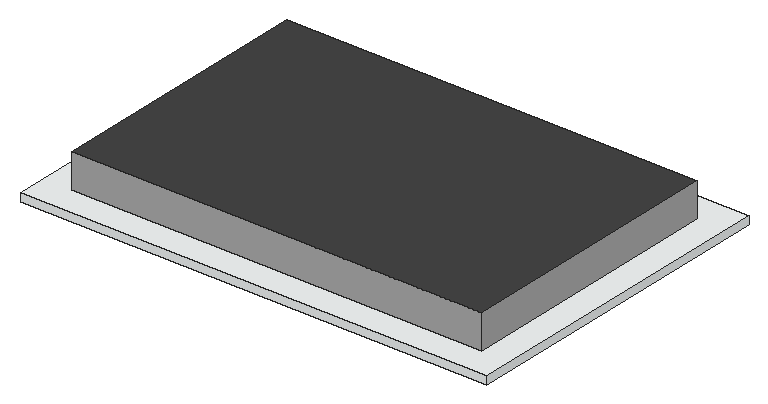
Revit family "1HVAC_Ductwork_Airzone_Return-Linear-Slat-Grille_RLQ1", category Air Terminals, Revit 2016
Family settings
  Part Type = Normal
  Round Connector Dimension = Use Diameter
  OmniClass Number = 23.75.70.21.27.11
  OmniClass Title = Diffusers, Registers, and Grilles
  Work Plane-Based = No
  Always vertical = Yes
  Cut with Voids When Loaded = No
  Shared = No
  Room Calculation Point = Yes
Parameters (values of type "INVALID TYPE - Use Load Family and Type Catalog instead")
  c8 = -0.606  # constant formula
  c7 = 0.05127  # constant formula
  c6 = 8.438  # constant formula
  c5 = 40.68  # constant formula
  c4 = -56.51  # constant formula
  c3 = -69.08  # constant formula
  c2 = -1.742  # constant formula
  c1 = 0.000373  # constant formula
  Velocity [instance] = (Q / (36 * Ak)) * 1.0 m/s  # 1.4881 m/s
  URL = "www.airzone.es"
  Type Image Comments = "Image available in product documentation download"  # constant formula
  Type Comments = ""
  Throw Distance [instance] = round((c7 * (Ak ^ c8) * Q) * 1000) * 1 mm  # 4121 mm
  Sound Level in dBA [instance] = round((c3 + (c4 * log(Ak))) + ((c5 + (c6 * log(Ak))) * log(Q)))  # 2
  Revit Model Version = "1.0"  # constant formula
  Q [instance] = if(Duct Width > 1000 mm, (1000 mm / Duct Width) * Flow / 1 m³/h, Flow / 1 m³/h)  # 150
  Product Documentation Download URL = "http://doc.airzone.es/BIM/AirQ/Airzone_RLQ1_RLQ2_RLQV.zip"
  Product Comments = "Refer to technical documentation for further details"  # constant formula
  Product Code = "INVALID – Type not loaded via type catalog"
  Pressure Drop [instance] = ((c1 * (Ak ^ c2)) * (Q ^ 2)) * 1.0 Pa  # 1.39618 Pa
  Model = Product Code  # "INVALID – Type not loaded via type catalog"
  Min Flow = 150 m³/h
  Max Flow = 1500 m³/h
  Manufacturer = "AIRZONE"  # constant formula
  Main Material = Metal - AIRZONE - Extruded Aluminium - White (RAL 9010)
  Long Description = "Extruded aluminum supply grilles to enable the air flow supply. 26-mm standard frame. Horizontal slats fixed at 15º, positioned to a single direction."  # constant formula
  Grille Right Offset = if(Open Right End, 0 mm, 10 mm)  # 10 mm
  Grille Material = Metal - AIRZONE - Grille 12.5 mm - White (RAL 9010)
  Grille Left Offset = if(Open Left End, 0 mm, 10 mm)  # 10 mm
  Flow Direction Symbol [instance] = yes
  Flow [instance] = 150 m³/h
  Fixing = "Clip (K), mounting frame required. Screw (T), mounting frame required."  # constant formula
  Finish = "White (RAL 9010)"
  Effective Area = Akn * 100.00 cm²  # 280.00 cm²
  Duct Width = 300 mm
  Duct Height = 200 mm
  Disclaimer = "All information provided in this model is reviewed before being published. However, Airzone cannot guarantee this model is error-free, therefore users are strongly encouraged to check for technical documentation and updates"  # constant formula
  Description = "Grille of linear slats fixed at 15º"  # constant formula
  Damper Length = 24.5 mm
  Compatible Accesories = "Mounting frame. Manual flow regulation. Plenum for grille (PREJ, FR-X2F). Grille deflector"  # constant formula
  Right Cap Offset = if(Open Right End, 0 mm, 16 mm)  # 16 mm
  Open Right End = no
  Left Cap Offset = if(Open Left End, 0 mm, 16 mm)  # 16 mm
  Open Left End = no
  Akn = 2.8
  Ak1000 = 10
  Ak = if(Duct Width > 1000 mm, Ak1000, Akn)  # 2.8
  Accessories Material = Metal - AIRZONE - Extruded Aluminium - Anodized (Matt Silver Color)
Reference planes
  plane 1 "Center (Front/Back)": y = 0
  plane 2: z = 0
  plane 3 "Center (Left/Right)": x = 0
  plane 4 "Left": x = -150
  plane 5 "Right": x = 150
  plane 6 "Front": y = -100
  plane 7 "Back": y = 100
  plane 8 "Right Offset": x = 166
  plane 9 "Left Offset": x = -166
  plane 10 "Fornt Offset": y = -116
  plane 11 "Back Offset": y = 116
Forms (mm)
  Extrusion 1, solid, material "Metal - AIRZONE - Extruded Aluminium - White (RAL 9010)" <- "Main Material", detail levels fine
    sketch origin (0, 0, 0) x (1, 0, 0) y (0, 1, 0)
      loop
        line (-166, 116) -> (-166, -116) -> (166, -116) -> (166, 116) -> (-166, 116)
    from 0 to -5.5
  Extrusion 2, solid, material "Metal - AIRZONE - Extruded Aluminium - Anodized (Matt Silver Color)" <- "Accessories Material"
    sketch origin (0, 0, 0) x (1, 0, 0) y (0, 1, 0)
      loop
        line (-145.7, 95.7) -> (-145.7, -95.7) -> (145.7, -95.7) -> (145.7, 95.7) -> (-145.7, 95.7)
    from 0 to 24.5 <- "Damper Length"
  Extrusion 3, solid, material "Metal - AIRZONE - Extruded Aluminium - White (RAL 9010)" <- "Main Material", detail levels coarse+medium
    sketch origin (0, 0, 0) x (1, 0, 0) y (0, 1, 0)
      loop
        line (-166, 116) -> (-166, -116) -> (166, -116) -> (166, 116) -> (-166, 116)
    from 0 to -5.5
  Extrusion 4, void
    sketch origin (0, 0, 0) x (1, 0, 0) y (0, 1, 0)
      loop
        line (166, 125) -> (166, -125) -> (175, -125) -> (175, 125) -> (166, 125)
    from -6 to 3
  Extrusion 5, void
    sketch origin (0, 0, 0) x (1, 0, 0) y (0, 1, 0)
      loop
        line (-175, 125) -> (-175, -125) -> (-166, -125) -> (-166, 125) -> (-175, 125)
    from -6 to 3
Cuts and joins
  Extrusion 4, Extrusion 5 cuts Extrusion 3
  Extrusion 4, Extrusion 5 cuts Extrusion 1
Lines and regions (mm)
  Split face 1
    outline origin (0, 0, -5.5) x (1, 0, 0) y (0, 1, 0)
      loop
        line (-140, -90) -> (140, -90) -> (140, 90) -> (-140, 90) -> (-140, -90)
  model lines, detail levels medium
    curve 1: line (-140, 90, -5.5) -> (140, 90, -5.5)
    curve 2: line (-140, -90, -5.5) -> (-140, 90, -5.5)
    curve 3: line (140, -90, -5.5) -> (-140, -90, -5.5)
    curve 4: line (140, 90, -5.5) -> (140, -90, -5.5)
  symbolic lines
    curve 5: line (-150, 100, 0) -> (150, 100, 0)
    curve 6: line (-150, -100, 0) -> (-150, 100, 0)
    curve 7: line (150, -100, 0) -> (-150, -100, 0)
    curve 8: line (150, 100, 0) -> (150, -100, 0)
    curve 9: line (-150, -100, 0) -> (150, 100, 0)
    curve 10: line (150, -100, 0) -> (-150, 100, 0)
  model lines, not visible, detail levels coarse
    curve 11: line (-166, 116, -5.5) -> (166, 116, -5.5)
    curve 12: line (-166, -116, -5.5) -> (-166, 116, -5.5)
    curve 13: line (166, -116, -5.5) -> (-166, -116, -5.5)
    curve 14: line (166, 116, -5.5) -> (166, -116, -5.5)
  model lines, detail levels coarse
    curve 15: line (-166, -116, -5.5) -> (166, 116, -5.5)
    curve 16: line (166, -116, -5.5) -> (-166, 116, -5.5)
  symbolic lines, style "Flow Direction Symbol", visible <- "Flow Direction Symbol"
    curve 17: line (0, 90, 0) -> (0, -90, 0)
    curve 18: line (0, -90, 0) -> (-28.284, -61.716, 0)
    curve 19: line (0, -90, 0) -> (28.284, -61.716, 0)
  symbolic lines, style "Flow Direction Symbol", visible <- "Flow Direction Symbol", not visible
    curve 20: line (0, 90, 0) -> (0, -90, 0)
    curve 21: line (0, -90, 0) -> (-28.284, -61.716, 0)
    curve 22: line (0, -90, 0) -> (28.284, -61.716, 0)
Dimensions and locks
  equal spacing: plane 4 "Left", plane 3 "Center (Left/Right)", plane 5 "Right"
  equal spacing: plane 7 "Back", plane 1 "Center (Front/Back)", plane 6 "Front"
  "Duct Width": plane 4 "Left" to plane 5 "Right"
  "Duct Height": plane 7 "Back" to plane 6 "Front"
  locked: Extrusion 1 sketch curve to plane 4 "Left" at 16
  locked: plane 5 "Right" to Extrusion 1 sketch curve at 16
  locked: Extrusion 1 sketch curve to plane 7 "Back" at 16
  locked: plane 6 "Front" to Extrusion 1 sketch curve at 16
  "Grille Left Offset": plane 4 "Left" to Split face 1 sketch curve
  "Grille Right Offset": Split face 1 sketch curve to plane 5 "Right"
  locked: plane 7 "Back" to Split face 1 sketch curve at 10
  locked: Split face 1 sketch curve to plane 6 "Front" at 10
  locked: plane 4 "Left" to Extrusion 2 sketch curve at 4.3
  locked: Extrusion 2 sketch curve to plane 5 "Right" at 4.3
  locked: plane 7 "Back" to Extrusion 2 sketch curve at 4.3
  locked: Extrusion 2 sketch curve to plane 6 "Front" at 4.3
  locked: Extrusion 3 sketch curve to plane 4 "Left" at 16
  locked: plane 5 "Right" to Extrusion 3 sketch curve at 16
  locked: Extrusion 3 sketch curve to plane 7 "Back" at 16
  locked: plane 6 "Front" to Extrusion 3 sketch curve at 16
  "Grille Right Offset": curve 4 to plane 5 "Right"
  "Grille Left Offset": plane 4 "Left" to curve 2
  locked: plane 7 "Back" to curve 1 at 10
  locked: curve 3 to plane 6 "Front" at 10
  "Right Cap Offset": plane 5 "Right" to Extrusion 4 sketch curve
  locked: plane 5 "Right" to Extrusion 4 sketch curve at 25
  locked: Extrusion 4 sketch curve to plane 7 "Back" at 25
  locked: plane 6 "Front" to Extrusion 4 sketch curve at 25
  "Left Cap Offset": Extrusion 5 sketch curve to plane 4 "Left"
  locked: Extrusion 5 sketch curve to plane 4 "Left" at 25
  locked: Extrusion 5 sketch curve to plane 7 "Back" at 25
  locked: plane 6 "Front" to Extrusion 5 sketch curve at 25
  curve 4 to plane 5 "Right" = 10 mm
  plane 4 "Left" to curve 2 = 10 mm
  "Right Cap Offset": plane 5 "Right" to plane 8 "Right Offset"
  "Left Cap Offset": plane 9 "Left Offset" to plane 4 "Left"
  locked: plane 11 "Back Offset" to plane 7 "Back" at 16
  locked: plane 6 "Front" to plane 10 "Fornt Offset" at 16
  aligned and locked: level to plane 2
  aligned and locked: plane 4 "Left" to curve 6
  aligned and locked: curve 5 to plane 7 "Back"
  aligned and locked: curve 8 to plane 5 "Right"
  aligned and locked: plane 6 "Front" to curve 7
  aligned and locked: plane 10 "Fornt Offset" to curve 13
  aligned and locked: plane 11 "Back Offset" to curve 11
  aligned and locked: curve 14 to plane 8 "Right Offset"
  aligned and locked: plane 9 "Left Offset" to curve 12
  aligned and locked: curve 17 to plane 3 "Center (Left/Right)"
Automatic sketch dimensions
  curve 18 to curve 17 = 28.284 mm
  curve 17 to curve 19 = 28.284 mm
  curve 17 to curve 18 = 28.284 mm
  curve 18 to curve 17 = 151.716 mm
  curve 21 to curve 20 = 28.284 mm
  curve 20 to curve 22 = 28.284 mm
  curve 20 to curve 21 = 28.284 mm
  curve 21 to curve 20 = 151.716 mm
Connectors
  hvac at (0, 0, 24.5), driven by "Pressure Drop", driven by "Flow", driven by "Duct Height", driven by "Duct Width"
    settings: on Extrusion 2, index 1, duct flow 150 m³/h, flow factor 0, pres drop 1.39618 Pa, loss coef 0, conn angle 0.00°, conn width 300 mm, conn height 200 mm, conn diameter 609.6 mm, duct sys type 2, conn prof type 1, flow config 1, flow direction 2, loss method 4, conn ref index -1, conn util no, is conn primary yes, conn desc "Return Air"
